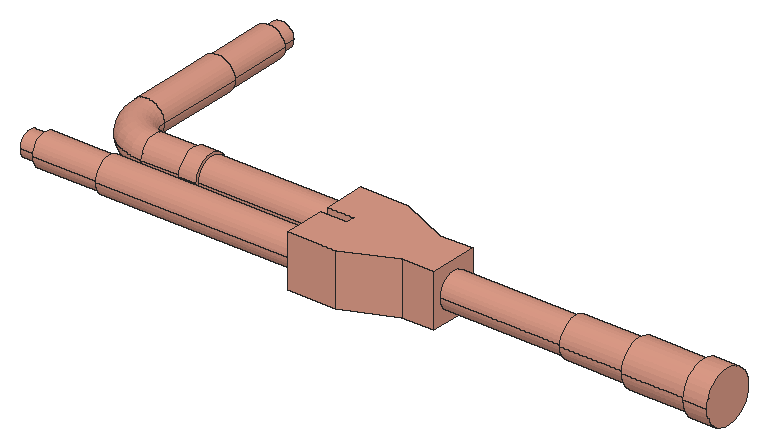
Revit family "outputfile", category 配管付属品, Revit 2024
Family settings
  丸型コネクタ寸法 = 半径を使用
  パーツ タイプ = 標準
  OmniClass 番号 = 23.65.55.00
  OmniClass タイトル = Distribution of Supplied Liquids/Gases
  作業面ベース = いいえ
  常に垂直 = はい
  ロード時にボイドで切り取り = いいえ
  共有 = いいえ
Parameters (values of type "BHFP26P90")
  Description = ""
  製造元 = "Daikin"
  書き出し IFC クラス(タイプ) = "IfcPipeFittingType"
  Default Elevation = 0.0 mm
  定義済み IFC タイプ(タイプ) = "JUNCTION"
  Cost = 0
  モデル = "BHFP26P90"
  Type Comments = ""
  Keynote = ""
  Type Image = (empty or 0)
  Assembly Code = ""
  table_PipeToCU_B [instance] = if(mm⇔inch, "Multi Module Kit_BHFP26P-_Liquid_PipeToCU_B", "Multi Module Kit_BHFP26P-_Liquid_PipeToCU_B_inch")  # "Multi Module Kit_BHFP26P-_Liquid_PipeToCU_B"
  table_PipeToCU_A [instance] = if(mm⇔inch, "Multi Module Kit_BHFP26P-_Liquid_PipeToCU_A", "Multi Module Kit_BHFP26P-_Liquid_PipeToCU_A_inch")  # "Multi Module Kit_BHFP26P-_Liquid_PipeToCU_A"
  table_ToMainPipe [instance] = if(mm⇔inch, "Multi Module Kit_BHFP26P-_Liquid_ToMainPipe", "Multi Module Kit_BHFP26P-_Liquid_ToMainPipe_inch")  # "Multi Module Kit_BHFP26P-_Liquid_ToMainPipe"
  switch_ToMainPipe3 [instance] = if(number_ToMainPipe < 3, 1 = 0, 1 = 1)  # yes
  switch_PipeToCU_B Reducer [instance] = if(and(Is_PipeToCU_B Reducer = 1, judge_IsOffsetPipe_ToOutdoorUnitB = 0), 1 = 1, 1 = 0)  # no
  switch_PipeToCU_B4 [instance] = if(number_PipeToCU_B < 4, 1 = 0, 1 = 1)  # no
  switch_PipeToCU_B3 [instance] = if(number_PipeToCU_B < 3, 1 = 0, 1 = 1)  # no
  switch_PipeToCU_B2 [instance] = if(number_PipeToCU_B < 2, 1 = 0, 1 = 1)  # yes
  switch_PipeToCU_A Reducer [instance] = if(Is_PipeToCU_A Reducer = 1, 1 = 1, 1 = 0)  # yes
  switch_ToMainPipe Reducer [instance] = if(Is_ToMainPipe Reducer = 1, 1 = 1, 1 = 0)  # no
  switch_ToMainPipe2 [instance] = if(number_ToMainPipe < 2, 1 = 0, 1 = 1)  # yes
  r_PipeToCU_B_ActualDiameter [instance] = PipeToCU_B_Liquid_ActualDiameter / 2  # 4.75 mm
  r_PipeToCU_A_ActualDiameter [instance] = PipeToCU_A_Liquid_ActualDiameter / 2  # 4.75 mm
  r_ToMainPipe_ActualDiameter [instance] = ToMainPipe_Liquid_ActualDiameter / 2  # 11.1 mm
  number_PipeToCU_B ReducerPipe [instance] = size_lookup(table_PipeToCU_B, "reducerPipeNumber", 0, モデル, judge_IsOffsetPipe_ToOutdoorUnitB, PipeToCU_B_Liquid_ActualDiameter)  # 0
  number_PipeToCU_B [instance] = size_lookup(table_PipeToCU_B, "pipeNumber", 2, モデル, judge_IsOffsetPipe_ToOutdoorUnitB, PipeToCU_B_Liquid_ActualDiameter)  # 2
  number_PipeToCU_A ReducerPipe [instance] = size_lookup(table_PipeToCU_A, "reducerPipeNumber", 3, モデル, PipeToCU_A_Liquid_ActualDiameter)  # 3
  number_ToMainPipe [instance] = size_lookup(table_ToMainPipe, "pipeNumber", 3, モデル, ToMainPipe_Liquid_ActualDiameter)  # 3
  mm⇔inch [instance] = yes
  l_ToMainPipe3 [instance] = size_lookup(table_ToMainPipe, "L_Pipe3", 11.0 mm, モデル)  # 11.0 mm
  judge_IsOffsetPipe_ToOutdoorUnitB [instance] = 0  # constant formula
  Unit Type = "BHFP26P-_Liquid"
  Uniclass2015Version = "Products v1.31"
  Uniclass2015Title = "Copper pipe fittings"
  Uniclass2015Code = "Pr_65_52_63_18"
  URL = ""
  ToMainPipe_Liquid_Status [instance] = size_lookup(table_ToMainPipe, "Information", "The connected pipe size is not available.", モデル, ToMainPipe_Liquid_ActualDiameter)  # "Default connector size is used."
  ToMainPipe_Liquid_ActualDiameter [instance] = 22.2 mm
  Tag No. [instance] = ""
  Series = "Multi Module kit"
  RotateBranchPipetoCU_A_50° [instance] = no
  PipeToCU_B_Liquid_Status [instance] = size_lookup(table_PipeToCU_B, "Information", "The connected pipe size is not available.", モデル, judge_IsOffsetPipe_ToOutdoorUnitB, PipeToCU_B_Liquid_ActualDiameter)  # "Default connector size is used."
  PipeToCU_B_Liquid_ActualDiameter [instance] = 9.5 mm
  PipeToCU_A_Liquid_Status [instance] = size_lookup(table_PipeToCU_A, "Information", "The connected pipe size is not available.", モデル, PipeToCU_A_Liquid_ActualDiameter)  # "Reducer is used at connector."
  PipeToCU_A_Liquid_ActualDiameter [instance] = 9.5 mm
  Material_Piping = DAIKIN_Copper_Pipe
  Material_Insulation = DAIKIN_White_Insulation
  location_PipeToCU_A connector [instance] = size_lookup(table_PipeToCU_A, "Locationconnector", 107.0 mm, モデル, PipeToCU_A_Liquid_ActualDiameter)  # 107.0 mm
  l_PipeToCU_B connector [instance] = size_lookup(table_PipeToCU_B, "Length", 128.0 mm, モデル, judge_IsOffsetPipe_ToOutdoorUnitB, PipeToCU_B_Liquid_ActualDiameter)  # 128.0 mm
  l_PipeToCU_B Reducer [instance] = 100.0 mm  # constant formula
  l_PipeToCU_B4 [instance] = size_lookup(table_PipeToCU_B, "L_Pipe4", 2.0 mm, モデル)  # 2.0 mm
  l_PipeToCU_B3 [instance] = size_lookup(table_PipeToCU_B, "L_Pipe3", 2.0 mm, モデル)  # 2.0 mm
  l_PipeToCU_B2 [instance] = size_lookup(table_PipeToCU_B, "L_Pipe2", 7.0 mm, モデル)  # 7.0 mm
  l_PipeToCU_B1 [instance] = size_lookup(table_PipeToCU_B, "L_Pipe1", 30.0 mm, モデル)  # 30.0 mm
  l_PipeToCU_B0 [instance] = size_lookup(table_PipeToCU_B, "L_Pipe0", 91.0 mm, モデル)  # 91.0 mm
  l_PipeToCU_A connector [instance] = size_lookup(table_PipeToCU_A, "Length", 97.0 mm, モデル, PipeToCU_A_Liquid_ActualDiameter)  # 97.0 mm
  l_PipeToCU_A1 [instance] = size_lookup(table_PipeToCU_A, "L_Pipe1", 8.0 mm, モデル)  # 8.0 mm
  l_PipeToCU_A0 [instance] = size_lookup(table_PipeToCU_A, "L_Pipe0", 62.0 mm, モデル)  # 62.0 mm
  l_ToMainPipe connector [instance] = size_lookup(table_ToMainPipe, "Length", 128.0 mm, モデル, ToMainPipe_Liquid_ActualDiameter)  # 128.0 mm
  l_ToMainPipe Reducer [instance] = size_lookup(table_ToMainPipe, "L_Reducer", 2.0 mm, モデル, ToMainPipe_Liquid_ActualDiameter)  # 2.0 mm
  l_ToMainPipe2 [instance] = size_lookup(table_ToMainPipe, "L_Pipe2", 30.0 mm, モデル)  # 30.0 mm
  l_ToMainPipe1 [instance] = size_lookup(table_ToMainPipe, "L_Pipe1", 30.0 mm, モデル)  # 30.0 mm
  l_ToMainPipe0 [instance] = size_lookup(table_ToMainPipe, "L_Pipe0", 57.0 mm, モデル)  # 57.0 mm
  judge_JointType(1or2) = 2
  count_PipeToCU_B Reducer [instance] = 0  # constant formula
  count_PipeToCU_A Reducer [instance] = size_lookup(table_PipeToCU_A, "reducerCount", 1, モデル, PipeToCU_A_Liquid_ActualDiameter)  # 1
  angle_PipeToCU_A Pipe [instance] = if(RotateBranchPipetoCU_A_90°, 90.00°, if(RotateBranchPipetoCU_A_50°, 50.00°, 0.00°))  # 0.00°
  angle_PipeToCU_A Connector [instance] = angle_PipeToCU_A Pipe + 90.00°  # 90.00°
  PipeToCU_B_Liquid_AvailableDiameter [instance] = size_lookup(table_PipeToCU_B, "sizeVariation", "", モデル, judge_IsOffsetPipe_ToOutdoorUnitB)  # "9.5/12.7mm"
  PipeToCU_A_Liquid_AvailableDiameter [instance] = size_lookup(table_PipeToCU_A, "sizeVariation", "", モデル)  # "9.5/12.7/15.9mm"
  ToMainPipe_Liquid_AvailableDiameter [instance] = size_lookup(table_ToMainPipe, "sizeVariation", "", モデル)  # "15.9/19.1/22.2mm"
  RotateBranchPipetoCU_A_90° [instance] = no
  O.D_ToMainPipe Reducer [instance] = size_lookup(table_ToMainPipe, "O.D_reducer", 2.0 mm, モデル, ToMainPipe_Liquid_ActualDiameter)  # 2.0 mm
  Link_Nested Family [instance] = ""
  Is_PipeToCU_B Reducer [instance] = size_lookup(table_PipeToCU_B, "IsReducer", 0, モデル, judge_IsOffsetPipe_ToOutdoorUnitB, PipeToCU_B_Liquid_ActualDiameter)  # 0
  Is_PipeToCU_A Reducer [instance] = size_lookup(table_PipeToCU_A, "IsReducer", 1, モデル, PipeToCU_A_Liquid_ActualDiameter)  # 1
  Is_ToMainPipe Reducer [instance] = size_lookup(table_ToMainPipe, "IsReducer", 0, モデル, ToMainPipe_Liquid_ActualDiameter)  # 0
  IfcVersion = ""
  IfcExportType = "JUNCTION"
  IfcExportAs = "IfcPipeFittingType"
  I.D_ToMainPipe3 [instance] = size_lookup(table_ToMainPipe, "I.D_PipeSize3", 22.2 mm, モデル)  # 22.2 mm
  Attach_Insulation [instance] = no
  I.D_PipeToCU_B4 [instance] = size_lookup(table_PipeToCU_B, "I.D_PipeSize4", 2.0 mm, モデル)  # 2.0 mm
  I.D_PipeToCU_B3 [instance] = size_lookup(table_PipeToCU_B, "I.D_PipeSize3", 2.0 mm, モデル)  # 2.0 mm
  I.D_PipeToCU_B2 [instance] = size_lookup(table_PipeToCU_B, "I.D_PipeSize2", 9.5 mm, モデル)  # 9.5 mm
  I.D_PipeToCU_B1 [instance] = size_lookup(table_PipeToCU_B, "I.D_PipeSize1", 12.7 mm, モデル)  # 12.7 mm
  I.D_PipeToCU_B0 [instance] = size_lookup(table_PipeToCU_B, "I.D_PipeSize0", 13.9 mm, モデル)  # 13.9 mm
  I.D_PipeToCU_A1 [instance] = 15.5 mm  # constant formula
  I.D_PipeToCU_A0 [instance] = 13.9 mm  # constant formula
  I.D_ToMainPipe Reducer [instance] = size_lookup(table_ToMainPipe, "I.D_reducer", 2.0 mm, モデル, ToMainPipe_Liquid_ActualDiameter)  # 2.0 mm
  I.D_ToMainPipe2 [instance] = size_lookup(table_ToMainPipe, "I.D_PipeSize2", 19.1 mm, モデル)  # 19.1 mm
  I.D_ToMainPipe1 [instance] = size_lookup(table_ToMainPipe, "I.D_PipeSize1", 15.9 mm, モデル)  # 15.9 mm
  I.D_ToMainPipe0 [instance] = size_lookup(table_ToMainPipe, "I.D_PipeSize0", 13.9 mm, モデル)  # 13.9 mm
Reference planes
  plane 1 "Center (Front/Back)": y = 0
  plane 2: z = 0
  plane 3 "pipe2": x = 225.65
  plane 4: x = 195.65
  plane 5: x = 165.65
  plane 6: x = 108.65
  plane 7: x = 48.65
  plane 8: x = -21.35
  plane 9: x = -42.35
  plane 10: x = -72.35
  plane 11: x = -79.35
  plane 12: x = -81.35
  plane 13: x = -83.35
  plane 14 "offset_center": y = 11.5
  plane 15: y = -11.5
  plane 16: x = -13.35
  plane 17: x = 158.65
  plane 18 "ToMainPipe_connector": x = 236.65
  plane 19 "connector_OutdoorunitA": x = -58.35
  plane 20 "connector_ToOutdoorUnitB": x = -104.35
  plane 21 "pipe3": x = 236.65
Forms (mm)
  Extrusion 1, solid, material "DAIKIN_Copper_Pipe" <- "Material_Piping"
    sketch origin (0, 0, 0) x (1, 0, 0) y (0, 1, 0)
      loop
        line (48.65, 1.998) -> (60.65, 1.998) -> (60.65, -1.998) -> (48.65, -1.998) -> (48.65, -21.2) -> (70.801, -21.2) -> (93.65, -11.3) -> (108.65, -11.3) -> (108.65, 11.3) -> (93.65, 11.3) -> (70.801, 21.2) -> (48.65, 21.2) -> (48.65, 1.998)
    from -12.2 to 12.2
Dimensions and locks
  locked: plane 6 to plane 17 at 50
  "l_PipeToCU_A1": plane 8 to plane 16
  "l_PipeToCU_B1": plane 10 to plane 9
  "l_PipeToCU_B2": plane 11 to plane 10
  "l_PipeToCU_B3": plane 12 to plane 11
  "l_PipeToCU_B4": plane 13 to plane 12
  locked: plane 7 to plane 6 at 60
  "l_ToMainPipe1": plane 5 to plane 4
  "l_ToMainPipe2": plane 4 to plane 3 "pipe2"
  "l_ToMainPipe0": plane 6 to plane 5
  "l_ToMainPipe connector": plane 6 to plane 18 "ToMainPipe_connector"
  plane 14 "offset_center" to plane 1 "Center (Front/Back)" to plane 15 = 11.5 mm locked, 11.5 mm locked
  locked: plane 1 "Center (Front/Back)" to Extrusion 1 sketch curve at 11.3  (x2)
  locked: Extrusion 1 sketch curve to plane 1 "Center (Front/Back)" at 21.2
  locked: plane 1 "Center (Front/Back)" to Extrusion 1 sketch curve at 21.2
  "l_PipeToCU_A0": plane 16 to plane 7
  "location_PipeToCU_A connector": plane 19 "connector_OutdoorunitA" to plane 7
  "l_PipeToCU_B0": plane 9 to plane 7
  "l_ToMainPipe3": plane 3 "pipe2" to plane 21 "pipe3"
  aligned and locked: level to plane 2
  aligned and locked: plane 2 to nested 1
  aligned and locked: plane 1 "Center (Front/Back)" to nested 1
  aligned and locked: plane 3 "pipe2" to nested 1
  aligned and locked: plane 4 to nested 1
  aligned and locked: plane 4 to nested 2
  aligned and locked: plane 5 to nested 2
  aligned and locked: plane 5 to nested 3
  aligned and locked: plane 6 to nested 3
  aligned and locked: plane 6 to Extrusion 1
  aligned and locked: Extrusion 1 to plane 7  (x2)
  aligned and locked: plane 7 to nested 4
  aligned and locked: plane 8 to nested 5
  aligned and locked: plane 16 to nested 5
  aligned and locked: nested 5 to plane 14 "offset_center"
  aligned and locked: nested 6 to plane 15
  aligned and locked: plane 7 to nested 6
  aligned and locked: plane 9 to nested 6
  aligned and locked: plane 10 to nested 7
  aligned and locked: plane 9 to nested 7
  aligned and locked: plane 11 to nested 8
  aligned and locked: plane 10 to nested 8
  aligned and locked: plane 12 to nested 9
  aligned and locked: plane 11 to nested 9
  aligned and locked: plane 13 to nested 10
  aligned and locked: plane 12 to nested 10
  aligned and locked: nested 10 to plane 15
  aligned and locked: nested 9 to plane 15
  aligned and locked: nested 8 to plane 15
  aligned and locked: nested 7 to plane 15
  aligned and locked: plane 1 "Center (Front/Back)" to nested 11
  aligned and locked: plane 17 to nested 11
  aligned and locked: plane 16 to nested 4
  aligned and locked: nested 12 to plane 14 "offset_center"
  aligned and locked: plane 8 to nested 12
  aligned and locked: plane 1 "Center (Front/Back)" to nested 13
  aligned and locked: plane 18 "ToMainPipe_connector" to nested 13
  aligned and locked: plane 6 to nested 14
  aligned and locked: plane 1 "Center (Front/Back)" to nested 3
  aligned and locked: plane 14 "offset_center" to nested 15
  aligned and locked: nested 15 to plane 19 "connector_OutdoorunitA"
  aligned and locked: nested 16 to plane 7
  aligned and locked: nested 4 to plane 14 "offset_center"
  aligned and locked: plane 3 "pipe2" to nested 17
  aligned and locked: plane 21 "pipe3" to nested 17
  aligned and locked: nested 16 to plane 15
Automatic sketch dimensions
  Extrusion 1 sketch curve to plane 7 = 0.0 mm  (x2)
  Extrusion 1 sketch curve to plane 6 = 0.0 mm
  Extrusion 1 sketch curve to plane 1 "Center (Front/Back)" = 1.998 mm
  plane 7 to Extrusion 1 sketch curve = 12.0 mm
  Extrusion 1 sketch curve to Extrusion 1 sketch curve = 10.151 mm  (x2)
  Extrusion 1 sketch curve to Extrusion 1 sketch curve = 15.0 mm  (x2)
  plane 1 "Center (Front/Back)" to Extrusion 1 sketch curve = 1.998 mm
Nested families
  nested 1: "daikin_Pipe" at (210.65, 0, 0), I.D_Pipe <- "I.D_ToMainPipe2", display <- "switch_ToMainPipe2", type "*"
    with length_Pipe 30.0 mm, display yes, O.D_Pipe 21.1 mm, I.D_Pipe 19.1 mm
  nested 2: "daikin_Pipe" at (180.65, 0, 0), I.D_Pipe <- "I.D_ToMainPipe1", type "*"
    with length_Pipe 30.0 mm, display yes, O.D_Pipe 17.9 mm, I.D_Pipe 15.9 mm
  nested 3: "daikin_Pipe" at (137.15, 0, 0), I.D_Pipe <- "I.D_ToMainPipe0", type "*"
    with length_Pipe 57.0 mm, display yes, O.D_Pipe 15.9 mm, I.D_Pipe 13.9 mm
  nested 4: "daikin_Pipe" at (17.65, 11.5, 0), I.D_Pipe <- "I.D_PipeToCU_A0", type "*"
    with length_Pipe 62.0 mm, display yes, O.D_Pipe 15.9 mm, I.D_Pipe 13.9 mm
  nested 5: "daikin_Pipe" at (-17.35, 11.5, 0), I.D_Pipe <- "I.D_PipeToCU_A1", type "*"
    with length_Pipe 8.0 mm, display yes, O.D_Pipe 17.5 mm, I.D_Pipe 15.5 mm
  nested 6: "daikin_Pipe" at (3.15, -11.5, 0), I.D_Pipe <- "I.D_PipeToCU_B0", type "*"
    with length_Pipe 91.0 mm, display yes, O.D_Pipe 15.9 mm, I.D_Pipe 13.9 mm
  nested 7: "daikin_Pipe" at (-57.35, -11.5, 0), I.D_Pipe <- "I.D_PipeToCU_B1", type "*"
    with length_Pipe 30.0 mm, display yes, O.D_Pipe 14.7 mm, I.D_Pipe 12.7 mm
  nested 8: "daikin_Pipe" at (-75.85, -11.5, 0), I.D_Pipe <- "I.D_PipeToCU_B2", display <- "switch_PipeToCU_B2", type "*"
    with length_Pipe 7.0 mm, display yes, O.D_Pipe 11.5 mm, I.D_Pipe 9.5 mm
  nested 9: "daikin_Pipe" at (-80.35, -11.5, 0), display <- "switch_PipeToCU_B3", I.D_Pipe <- "I.D_PipeToCU_B3", visible <- "switch_PipeToCU_B3", type "*"
    with length_Pipe 2.0 mm, display no, O.D_Pipe 4.0 mm, I.D_Pipe 2.0 mm
  nested 10: "daikin_Pipe" at (-82.35, -11.5, 0), display <- "switch_PipeToCU_B4", I.D_Pipe <- "I.D_PipeToCU_B4", visible <- "switch_PipeToCU_B4", type "*"
    with length_Pipe 2.0 mm, display no, O.D_Pipe 4.0 mm, I.D_Pipe 2.0 mm
  nested 11: "daikin_MultiModeluKit_Insulation" at (158.65, 0, 0), display <- "Attach_Insulation", type "*"
    with h 54.2 mm, display no, I.D_Outlet PipeSize 22.2 mm
  nested 12: "daikin_Multi Module kit_Reducer90_rotate" at (-21.35, 11.5, 0), number_reducerPipe <- "number_PipeToCU_A ReducerPipe", angle_Pipe <- "angle_PipeToCU_A Pipe", type "*"
    with number_reducerPipe 3, display_Pipe2 yes, display_Pipe1 yes, angle_Pipe 0.00°
  nested 13: "daikin_Pipe_reducer" at (235.65, 0, 0), I.D_Pipe1 <- "I.D_ToMainPipe Reducer", O.D_Pipe2 <- "O.D_ToMainPipe Reducer", length_Pipe <- "l_ToMainPipe Reducer", display <- "switch_ToMainPipe Reducer", type "*"
    with length_Pipe 2.0 mm, display no, O.D_Pipe2 2.0 mm, O.D_Pipe1 4.0 mm, I.D_Pipe2 0.0 mm, I.D_Pipe1 2.0 mm
  nested 14: "daikin_connector_rotate3" at (108.65, 0, 0) x (0, 1, 0) z (0, 0, 1), length <- "l_ToMainPipe connector", type "daikin_connector_rotate3"
    with radius 10.0 mm, length 128.0 mm, angle_vertical 90.00°, angle_horizontal 0.00°
  nested 15: "daikin_connector_rotate3" at (-58.35, 11.5, 0) x (-1, 0, 0) z (0, 0, 1), length <- "l_PipeToCU_A connector", angle_vertical <- "angle_PipeToCU_A Connector", type "daikin_connector_rotate3"
    with radius 10.0 mm, length 97.0 mm, angle_vertical 90.00°, angle_horizontal 0.00°
  nested 16: "daikin_connector_rotate3" at (48.65, -11.5, 0) x (0, -1, 0) z (0, 0, 1), length <- "l_PipeToCU_B connector", type "daikin_connector_rotate3"
    with radius 10.0 mm, length 128.0 mm, angle_vertical 90.00°, angle_horizontal 0.00°
  nested 17: "daikin_Pipe" at (231.15, 0, 0), display <- "switch_ToMainPipe3", I.D_Pipe <- "I.D_ToMainPipe3", type "*"
    with length_Pipe 11.0 mm, display yes, O.D_Pipe 24.2 mm, I.D_Pipe 22.2 mm
Connectors
  piping at (236.65, 0, 0), diameter 22.2, driven by "r_ToMainPipe_ActualDiameter"
    settings: on nested 14, index 1, connector inside diameter 609.6 mm, connector length 0.0 mm, flow factor 0, pipe flow 0.00 m³/h, pressure drop 0.0 Pa, fitting loss kfactor 0, connector angle 0.00°, fixture units 0, engagement length 0.0 mm, angle of deflection 0.00°, flow configuration 0, flow direction 2, fitting loss method 0, system type 29, joint type 0, gender type 0, connector reference index -1, connector utility 0, adjustable connector no, is connector primary yes, connector description "Multi Module kit_to Main Pipe_Liquid"
  piping at (-58.35, 108.5, 0), diameter 9.5, driven by "r_PipeToCU_A_ActualDiameter"
    settings: on nested 15, index 2, connector inside diameter 609.6 mm, connector length 0.0 mm, flow factor 0, pipe flow 0.00 m³/h, pressure drop 0.0 Pa, fitting loss kfactor 0, connector angle 0.00°, fixture units 0, engagement length 0.0 mm, angle of deflection 0.00°, flow configuration 0, flow direction 1, fitting loss method 0, system type 29, joint type 0, gender type 0, connector reference index -1, connector utility 0, adjustable connector no, is connector primary no, connector description "Multi Module kit_Piping to CU-A_Liquid"
  piping at (-79.35, -11.5, 0), diameter 9.5, driven by "r_PipeToCU_B_ActualDiameter"
    settings: on nested 16, index 3, connector inside diameter 609.6 mm, connector length 0.0 mm, flow factor 0, pipe flow 0.00 m³/h, pressure drop 0.0 Pa, fitting loss kfactor 0, connector angle 0.00°, fixture units 0, engagement length 0.0 mm, angle of deflection 0.00°, flow configuration 0, flow direction 1, fitting loss method 0, system type 29, joint type 0, gender type 0, connector reference index -1, connector utility 0, adjustable connector no, is connector primary no, connector description "Multi Module kit_Piping to CU-B_Liquid"
Definition of nested family "daikin_Pipe"
  Parameters (values of type "*")
    Default Elevation = 0.0 mm
    material = none
    length_Pipe [instance] = 150.0 mm
    display [instance] = yes
    O.D_Pipe [instance] = I.D_Pipe + 2.0 mm  # 27.0 mm
    I.D_Pipe [instance] = 25.0 mm
  Reference planes
    plane 1 "Center (Front/Back)": y = 0
    plane 2 "center(vertical)": z = 0
    plane 3 "Center (Left/Right)": x = 0
    plane 4 "left": x = -75
    plane 5 "right": x = 75
  Forms (mm)
    Extrusion 1, solid, material <- "material", visible <- "display"
      sketch origin (0, 0, 0) x (0, 1, 0) y (0, 0, 1)
        loop
          circle (0, 0) r 13.5
      from -75 to 75
  Dimensions and locks
    equal spacing: plane 4 "left", plane 3 "Center (Left/Right)", plane 5 "right"
    "length_Pipe": plane 4 "left" to plane 5 "right"
    "O.D_Pipe": diameter of Extrusion 1 sketch curve
    aligned and locked: level to plane 2 "center(vertical)"
    aligned and locked: plane 2 "center(vertical)" to Extrusion 1 sketch curve
    aligned and locked: plane 1 "Center (Front/Back)" to Extrusion 1 sketch curve
    aligned and locked: plane 5 "right" to Extrusion 1
    aligned and locked: Extrusion 1 to plane 4 "left"
Definition of nested family "daikin_Multi Module kit_Reducer90_rotate"
  Parameters (values of type "*")
    Default Elevation = 0.0 mm
    number_reducerPipe [instance] = 4
    material_Pipe = none
    display_Pipe2 [instance] = if(number_reducerPipe < 3, 1 = 0, 1 = 1)  # yes
    display_Pipe1 [instance] = if(number_reducerPipe < 2, 1 = 0, 1 = 1)  # yes
    angle_Pipe [instance] = 30.00°
  Reference planes
    plane 1 "Center (Front/Back)": y = 0
    plane 2: z = 0
    plane 3 "Center (Left/Right)": x = 0
  Dimensions and locks
    "angle_Pipe": angle plane 2 to nested 1
    aligned and locked: level to plane 2
  Nested families
    nested 1: "daikin_Multi Module kit_Reducer90" at (0, 0, 0) x (1, 0, 0) z (0, -0.5, 0.866), display_Pipe2 <- "display_Pipe2", display_Pipe1 <- "display_Pipe1", type "*"
      with display_Pipe2 yes, display_Pipe1 yes, I.D_connector 34.9 mm
  Definition of nested family "daikin_Multi Module kit_Reducer90"
    Parameters (values of type "*")
      Default Elevation = 0.0 mm
      material_Pipe = none
      display_Pipe2 [instance] = yes
      display_Pipe1 [instance] = yes
      O.D_Pipe2 = 9.5 mm + 2.0 mm  # 11.5 mm
      O.D_Pipe1 = 12.7 mm + 2.0 mm  # 14.7 mm
      O.D_Pipe0 = 15.9 mm  # constant formula
      I.D_connector [instance] = 0.0 mm
    Reference planes
      plane 1 "Center (Front/Back)": y = 0
      plane 2 "center_vertical": z = 0
      plane 3 "Center (Left/Right)": x = 0
      plane 4 "center_toOutdoor": x = -37
      plane 5: y = 60
      plane 6: y = 90
      plane 7: y = 97
    Forms (mm)
      Sweep 1, solid, material <- "material_Pipe"
        path origin (0, 0, 0) x (1, 0, 0) y (0, 1, 0)
          loop
            line (0, 0) -> (-18.241, 0)
            arc (-18.241, 0) -> (-31.506, 5.494) -> (-37, 18.759) r 18.759
            line (-37, 18.759) -> (-37, 60)
        profile origin (-9.12, 0, 0) x (0, -1, 0) y (0, 0, 1)
          loop
            circle (0, 0) r 7.95
      Extrusion 2, solid, material <- "material_Pipe", visible <- "display_Pipe1"
        sketch origin (0, 0, 0) x (1, 0, 0) y (0, 0, 1)
          loop
            circle (-37, 0) r 7.35
        from -90 to -60
      Extrusion 3, solid, material <- "material_Pipe", visible <- "display_Pipe2"
        sketch origin (75, -2.05, 0) x (1, 0, 0) y (0, 0, 1)
          loop
            circle (-112, 0) r 5.75
        from -99.05 to -92.05
    Lines and regions (mm)
      reference lines
        curve 1: line (0, 0, 0) -> (-37, 0, 0)
    Dimensions and locks
      plane 1 "Center (Front/Back)" to plane 5 = 60.0 mm
      plane 6 to plane 5 = 30.0 mm
      plane 7 to plane 6 = 7.0 mm
      plane 4 "center_toOutdoor" to plane 3 "Center (Left/Right)" = 37.0 mm
      "O.D_Pipe2": diameter of Extrusion 3 sketch curve
      "O.D_Pipe0": diameter of Sweep 1 sketch curve
      "O.D_Pipe1": diameter of Extrusion 2 sketch curve
      aligned and locked: level to plane 2 "center_vertical"
      aligned and locked: plane 6 to Extrusion 2
      aligned and locked: Extrusion 2 to plane 5
      aligned and locked: Extrusion 3 to plane 6
      aligned and locked: Sweep 1 sketch curve to plane 1 "Center (Front/Back)"
      aligned and locked: plane 3 "Center (Left/Right)" to curve 1
      aligned and locked: curve 1 to plane 1 "Center (Front/Back)"
      aligned and locked: plane 7 to Extrusion 3
    Automatic sketch dimensions
      Sweep 1 sketch curve to plane 4 "center_toOutdoor" = 0.0 mm
      Sweep 1 sketch curve to plane 3 "Center (Left/Right)" = 0.0 mm
      Sweep 1 sketch curve to plane 5 = 0.0 mm
      Sweep 1 sketch curve to plane 3 "Center (Left/Right)" = 18.241 mm
      curve 1 to plane 4 "center_toOutdoor" = 0.0 mm
      Sweep 1 sketch curve to level = 0.0 mm
      Sweep 1 sketch curve to profile plane = 0.0 mm
      Extrusion 2 sketch curve to level = 0.0 mm
      Extrusion 2 sketch curve to plane 4 "center_toOutdoor" = 0.0 mm
      Extrusion 3 sketch curve to level = 0.0 mm
      Extrusion 3 sketch curve to plane 4 "center_toOutdoor" = 0.0 mm
Definition of nested family "daikin_MultiModeluKit_Insulation"
  Parameters (values of type "*")
    Default Elevation = 0.0 mm
    Model = ""
    material = none
    h [instance] = (I.D_Outlet PipeSize + 2.0 mm) + 30.0 mm  # 47.0 mm
    display [instance] = yes
    I.D_Outlet PipeSize [instance] = 15.0 mm
  Reference planes
    plane 1 "Center (Front/Back)": y = 0
    plane 2: z = 0
    plane 3 "Left": x = 0
    plane 4 "top": z = 23.5
    plane 5 "bottom": z = -23.5
  Forms (mm)
    Extrusion 1, solid, material <- "material", visible <- "display"
      sketch origin (0, 0, 0) x (1, 0, 0) y (0, 1, 0)
        loop
          line (0, -22.3) -> (0, 22.3) -> (-101, 45.79) -> (-187, 45.79) -> (-187, 6.128) -> (-257, 10) -> (-257, -45.79) -> (-101, -45.79) -> (0, -22.3)
      from -23.5 to 23.5
  Dimensions and locks
    equal spacing: plane 4 "top", plane 2, plane 5 "bottom"
    "h": plane 4 "top" to plane 5 "bottom"
    equal spacing: Extrusion 1 sketch curve, plane 1 "Center (Front/Back)", Extrusion 1 sketch curve
    locked: Extrusion 1 sketch curve to plane 3 "Left" at 101  (x2)
    locked: Extrusion 1 sketch curve to plane 3 "Left" at 187
    locked: Extrusion 1 sketch curve to plane 3 "Left" at 257
    aligned and locked: level to plane 2
    aligned and locked: plane 3 "Left" to Extrusion 1
    aligned and locked: Extrusion 1 to plane 5 "bottom"
    aligned and locked: plane 4 "top" to Extrusion 1
  Automatic sketch dimensions
    Extrusion 1 sketch curve to plane 3 "Left" = 0.0 mm
    plane 1 "Center (Front/Back)" to Extrusion 1 sketch curve = 45.79 mm
    plane 1 "Center (Front/Back)" to Extrusion 1 sketch curve = 22.3 mm
    Extrusion 1 sketch curve to plane 1 "Center (Front/Back)" = 45.79 mm
    Extrusion 1 sketch curve to plane 1 "Center (Front/Back)" = 10.0 mm
    Extrusion 1 sketch curve to plane 1 "Center (Front/Back)" = 6.128 mm
Definition of nested family "daikin_Pipe_reducer"
  Parameters (values of type "*")
    Default Elevation = 0.0 mm
    material = none
    length_Pipe [instance] = 250.0 mm
    display [instance] = yes
    O.D_Pipe2 [instance] = 19.1 mm
    O.D_Pipe1 [instance] = I.D_Pipe1 + 2.0 mm  # 24.2 mm
    I.D_Pipe2 [instance] = O.D_Pipe2 - 2.0 mm  # 17.1 mm
    I.D_Pipe1 [instance] = 22.2 mm
  Reference planes
    plane 1 "Center (Front/Back)": y = 0
    plane 2 "center(vertical)": z = 0
    plane 3 "Center (Left/Right)": x = 0
    plane 4 "connection": x = -125
    plane 5 "right": x = 113
    plane 6: x = 125
  Forms (mm)
    Extrusion 1, solid, material <- "material", visible <- "display"
      sketch origin (0, 0, 0) x (0, 1, 0) y (0, 0, 1)
        loop
          circle (0, 0) r 9.55
      from -125 to 113
    Extrusion 2, solid, material <- "material", visible <- "display"
      sketch origin (0, 0, 0) x (0, 1, 0) y (0, 0, 1)
        loop
          circle (0, 0) r 12.1
      from 113 to 125
  Dimensions and locks
    locked: plane 5 "right" to plane 6 at 12
    "length_Pipe": plane 4 "connection" to plane 6
    equal spacing: plane 4 "connection", plane 3 "Center (Left/Right)", plane 6
    "O.D_Pipe2": diameter of Extrusion 1 sketch curve
    "O.D_Pipe1": diameter of Extrusion 2 sketch curve
    aligned and locked: level to plane 2 "center(vertical)"
    aligned and locked: plane 2 "center(vertical)" to Extrusion 1 sketch curve
    aligned and locked: plane 1 "Center (Front/Back)" to Extrusion 1 sketch curve
    aligned and locked: plane 5 "right" to Extrusion 1
    aligned and locked: Extrusion 1 to plane 4 "connection"
    aligned and locked: plane 2 "center(vertical)" to Extrusion 2 sketch curve
    aligned and locked: plane 1 "Center (Front/Back)" to Extrusion 2 sketch curve
    aligned and locked: Extrusion 2 to plane 5 "right"
    aligned and locked: plane 6 to Extrusion 2
Definition of nested family "daikin_connector_rotate3"
  Parameters (values of type "daikin_connector_rotate3")
    Default Elevation = 1219.2 mm
    show_face = no
    show_circle = no
    radius [instance] = 10.0 mm
    length [instance] = 600.0 mm
    angle_horizontal [instance] = 60.00°
    angle_vertical [instance] = 90.00°
  Reference planes
    plane 1 "Center (Front/Back)": y = 0
    plane 2: z = 0
    plane 3 "Center (Left/Right)": x = 0
  Dimensions and locks
    "angle_horizontal": angle plane 3 "Center (Left/Right)" to nested 1
    aligned and locked: level to plane 2
    aligned and locked: plane 1 "Center (Front/Back)" to nested 1  (x2)
    aligned and locked: plane 3 "Center (Left/Right)" to nested 1
  Nested families
    nested 1: "daikin_connector_rotate2" at (0, 0, 0) x (0.5, 0.866, 0) z (0, 0, 1), angle_vertical <- "angle_vertical", length <- "length", radius <- "radius", type "daikin_connector_rotate2"
      with radius 10.0 mm, length 600.0 mm, angle_vertical 90.00°, Default Elevation 0.0 mm, show_circle no
  Definition of nested family "daikin_connector_rotate2"
    Parameters (values of type "daikin_connector_rotate2")
      Default Elevation = 1219.2 mm
      show_face = no
      show_circle = yes
      radius [instance] = 10.0 mm
      length [instance] = 600.0 mm
      d_surface = 10.0 mm
      angle_vertical [instance] = 90.00°
    Reference planes
      plane 1 "Center (Front/Back)": y = 0
      plane 2: z = 0
      plane 3 "Center (Left/Right)": x = 0
    Forms (mm)
      Extrusion 1, solid, visible <- "show_face"
        sketch origin (0, -600, 0) x (1, 0, 0) y (0, 0, 1)
          loop
            circle (0, 0) r 10
        from 0 to -10
    Lines and regions (mm)
      reference lines
        curve 1: line (0, 0, 0) -> (0, -600, 0)
      symbolic lines, visible <- "show_circle"
        curve 2: circle (0, 0, 0) r 5 normal (0, 0, 1)
      model lines, visible <- "show_face"
        curve 3: line (0, 0, 0) -> (0, -600, 0)
    Dimensions and locks
      "length": curve 1 to curve 1
      "length": curve 3 to curve 3
      "d_surface": Extrusion 1 to Extrusion 1
      "radius": radius of Extrusion 1 sketch curve
      "angle_vertical": angle curve 1 to plane 1 "Center (Front/Back)"
      "angle_vertical": angle curve 3 to plane 1 "Center (Front/Back)"
      aligned and locked: level to plane 2
      aligned and locked: plane 1 "Center (Front/Back)" to curve 1
      aligned and locked: plane 2 to curve 1
      aligned and locked: plane 1 "Center (Front/Back)" to curve 2
      aligned and locked: plane 3 "Center (Left/Right)" to curve 2
      aligned and locked: plane 1 "Center (Front/Back)" to curve 3
      aligned and locked: plane 2 to curve 3
      aligned and locked: Extrusion 1 to Extrusion 1
    Automatic sketch dimensions
      Extrusion 1 sketch curve to level = 0.0 mm
      Extrusion 1 sketch curve to plane 3 "Center (Left/Right)" = 0.0 mm
      radius of curve 2 = 5.0 mm
